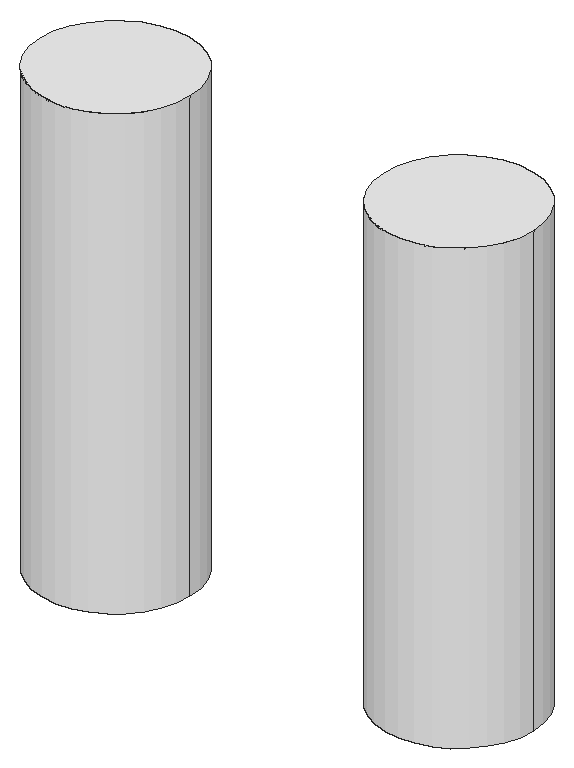
Revit family "45022185(2022)", category Plumbing Fixtures, Revit 2020
Family settings
  Round Connector Dimension = Use Diameter
  Part Type = Normal
  OmniClass Number = 23.45.55.00
  OmniClass Title = Sanitary Faucets, Wastes
  Work Plane-Based = No
  Always vertical = Yes
  Cut with Voids When Loaded = No
  Shared = No
  Room Calculation Point = No
Parameters (values of type "45022185 Washbasin faucet ")
  Working Pressure = "50 - 1000 kPa"
  WarrantyStartDate [instance] = "n/a"
  WarrantyGuarantorParts = "n/a"
  WarrantyGuarantorLabor = "n/a"
  WarrantyDurationUnit = "Year"
  WarrantyDurationParts = "n/a"
  WarrantyDurationLabor = "n/a"
  WarrantyDescription = "http://warranty.hansa.com"
  Warranty Information URL = "http://warranty.hansa.com"
  VersionDate = "01/06/2023"
  Version = "1"
  ValvePattern = "n/a"
  ValveOperation = "n/a"
  ValveMechanism = "n/a"
  Uniclass2015Reference = "Pr_40_20_87_96"
  Uniclass2015Description = "Washbasin manual water supply sets"
  Uniclass2 = "Pr_40_30_96_96"
  URL UWL = "http://static.hansa.com/UWL/45022185"
  URL REACH = "http://static.hansa.com/doc/reach"
  URL Materials Declaration = "http://www.hansa.com/fileadmin/resources/166347_45022185_materialsdeclaration.pdf"
  URL Environmental Product Declaration EPD = "http://www.hansa.com/fileadmin/resources/184523_EPD_Washbasin faucet.pdf"
  URL EcoLabel Declaration = "http://static.hansa.com/doc/EcoLabel"
  URL EU Packaging Declaration = "http://static.hansa.com/doc/packaging"
  URL Declaration of SCIP = "http://static.hansa.com/doc/SCIP"
  URL Declaration of Conformity = "http://static.hansa.com/DoC/45022185"
  URL Declaration of Asbestos = "http://static.hansa.com/doc/asbestos"
  URL Declaration Of Performance (DOP) = "http://static.hansa.com/doc/DoP"
  URL DVGW = "http://static.hansa.com/DVGW/45022185"
  URL ABP = "http://static.hansa.com/ABP/45022185"
  URL = ""
  UNSPSC Class Number = "30181700 Faucets or taps"
  TestPressure = "n/a"
  Temperature Adjustments = "Limitation option for maximum temperature and flow-rate ;Adjustable hot water stop (included, retrofittable)"
  Temperature = "Temperature limiter"
  Technical DataSheet URL = "http://www.hansa.com/datasheet/45022185/en"
  TagNumber [instance] = "n/a"
  SustainabilityPerformance = "n/a"
  Surface treatment = "Chrome"
  Spout Type = "Fixed spout"
  Spout Projection = "114 mm"
  Spare-Part Information URL = "http://static.hansa.com/sp/45022185"
  Size = "210 x 50 x 170 mm"
  Shape = "Sculptured"
  SerialNumber [instance] = "n/a"
  Sales Package dimensions (LxWxH) = "606 x 224 x 88"
  Revision = "n/a"
  ReplacementCost = "n/a"
  ProductInformation = "n/a"
  Product URL = "http://static.hansa.com/45022185"
  Product Image URL = "http://static.hansa.com/image/45022185"
  Product Family = "HANSACLINICA "
  Product Code = "45022185"
  Pressure Loss With Flow 01ls = 70000.0 Pa
  OperatingMechanismMaterial = "n/a"
  NominalWidth = 50 mm
  NominalHeight = 171.4 mm
  NominalDepth = 208.5 mm
  Noise Class = "I (ISO 3822)"
  Name_en = "45022185 Washbasin faucet"
  Name = "45022185 Washbasin faucet"
  NBSReference = "45-35-70/371"
  NBSDescription = "Water supply fittings for wash basins and troughs"
  Mounting Holes = "1 hole"
  ModelReference = "45022185"
  ModelNumber = "n/a"
  Model = "45022185 Washbasin faucet"
  Mobile Product Information URL = "http://mpi.hansa.com/45022185"
  Mechanical Parts = "ø 40 mm ceramic cartridge for flow and temperature control"
  Max. Hot Water Supply = 80 °C
  Material = "Brass"
  Market = "International;Germany;Austria;Belgium;Netherlands;France;Czech Republic;Slovakia;Italy;Spain"
  ManufacturerURL = "http://www.hansa.com"
  ManufacturerName = "HANSA"
  Manufacturer = "HANSA"
  Long Marketing = "HANSACLINICA washbasin faucet. Firm longer loop-lever (180 mm) offers good usability to all users and situations. Fixed spout with nickel-free water channels and laminar water flow. In-built limitation options for water temperature and maximum flow-rate. Connection pipes Cu ø10 mm."
  Lever Handle = "Single operating lever/handle;Loop shape;Long shape;Hot/Cold symbols"
  Keynote = ""
  Interactive AR View URL = "https://static.hansa.com/AR/45022185"
  InstallationDate [instance] = "n/a"
  Installation and Maintenance Guide URL = "http://static.hansa.com/manual/45022185"
  Installation Type = "Deck mounted"
  InletConnectionSize = 10 mm
  IfcExportType = "FAUCET"  # constant formula
  IfcExportAs = "IfcValveType"  # constant formula
  Group = "Washbasin faucet"
  Grade = "n/a"
  FlowCoefficient = 0
  Flow Rate At 300kPa = 0.2 L/s
  Flow Drawing URL = "http://static.hansa.com/flowchart/45022185"
  Finish = "Polished"
  Features = "Single-lever"
  FaucetMainMaterial = Brass
  FDV Document URL = "http://www.hansa.com/datasheet/45022185/en/fdv"
  ExpectedLife = "n/a"
  Excluded Items = "Without pop-up waste;Without draw-rod opening"
  ETIM Class Number = "EC011328 Washbasin mixing tap"
  EN Standard = "EN 817"
  EAN Number = "4057304018862"
  DurationUnit = "Year"
  Dimension Drawing URL = "http://static.hansa.com/dimdrw/45022185"
  Description = ""
  DefaultElevation [instance] = 900 mm
  Default Elevation = 0 mm
  Constituents = "n/a"
  Connection Size = "Ø10mm"
  Connection = "Copper inlet pipes"
  Color = "Chrome"
  CodePerformance = "n/a"
  CloseOffRating = 0
  Category = "Washbasin"
  Catalog Drawing URL = "http://static.hansa.com/catdrw/45022185"
  CO2 Emissions (D) = -6.64
  CO2 Emissions (C4) = 0.07
  CO2 Emissions (C3) = 0.02
  CO2 Emissions (C2) = 0.02
  CO2 Emissions (B7) = 3837.78
  CO2 Emissions (A4) = 0.26
  CO2 Emissions (A1-A3) = 9.34
  Brand = "HANSA"
  BodyMaterial = "Brass"
  Barcode [instance] = "n/a"
  Backflow Prevention EN1717 = "AA"
  BIMObjectName = "45022185(2022)"
  Author = "BIMStone"
  AssetType = "Fixed"
  AssetIdentifier [instance] = "n/a"
  Approval DVGW = "DW-6506DL0556"
  Approval ABP = "P-IX 29684/IA"
  Aerator = "Laminar stream"
  Advanced Features = "Inner body made of DZR brass;Waterways without nickel coating;3S-installation system for safe and simple mounting"
  AccessibilityPerformance = "n/a"
  3D View = "https://static.hansa.com/AR/45022185"
  2D/3D/BIM Files URL = "http://static.hansa.com/bim/45022185"
Reference planes
  plane 1 "Center (Front/Back)": y = 0
  plane 2: z = 0
  plane 3 "Center (Left/Right)": x = 0
  plane 4: x = -25
  plane 5: z = 900
  plane 6: z = 870
  plane 7: y = -208.5
  plane 8: x = 25
  plane 9: z = 1071.4
Forms (mm)
  Extrusion 1, solid, material "Brass" <- "FaucetMainMaterial"
    sketch origin (0, -4.192, 0) x (1, 0, 0) y (0, 1, 0)
      loop
        circle (-11.5, -22.5) r 5
      loop
        circle (11.5, -22.5) r 5
    from 870 to 900
Dimensions and locks
  "DefaultElevation": plane 5 to level
  locked: plane 5 to plane 6 at 30
  "NominalDepth": plane 7 to plane 1 "Center (Front/Back)"
  equal spacing: plane 4, plane 3 "Center (Left/Right)", plane 8
  "NominalHeight": plane 9 to plane 5
  "NominalWidth": plane 4 to plane 8
  "InletConnectionSize": diameter of Extrusion 1 sketch curve  (x2)
  aligned and locked: level to plane 2
  aligned and locked: plane 5 to Extrusion 1
  aligned and locked: Extrusion 1 to plane 6
  aligned and locked: nested 2 to plane 5
Automatic sketch dimensions
  Extrusion 1 sketch curve to plane 3 "Center (Left/Right)" = 11.5 mm
  plane 3 "Center (Left/Right)" to Extrusion 1 sketch curve = 11.5 mm
  plane 1 "Center (Front/Back)" to Extrusion 1 sketch curve = 26.692 mm  (x2)
Nested families
  nested 1: "Symbol" at (0, 0, 0), type "Symbol", detail levels coarse
  nested 2: "5611B_p" at (0, 0, 900), Material <- "FaucetMainMaterial", type "5611B_p"
    with Material Brass
Connectors
  piping at (-11.5, -26.692, 870), diameter 10, driven by "InletConnectionSize"
    settings: on Extrusion 1, index 1, connector inside diameter 609.6 mm, connector length 0 mm, flow factor 0, pipe flow 0.19 L/s, pressure drop 0.0 Pa, fitting loss kfactor 0, connector angle 0.00°, fixture units 0, engagement length 0 mm, angle of deflection 0.00°, flow configuration 1, flow direction 1, fitting loss method 0, system type 19, joint type 0, gender type 0, connector reference index -1, connector utility 0, adjustable connector no, is connector primary yes, connector description ""
  piping at (11.5, -26.692, 870), diameter 10, driven by "InletConnectionSize"
    settings: on Extrusion 1, index 2, connector inside diameter 609.6 mm, connector length 0 mm, flow factor 0, pipe flow 0.19 L/s, pressure drop 0.0 Pa, fitting loss kfactor 0, connector angle 0.00°, fixture units 0, engagement length 0 mm, angle of deflection 0.00°, flow configuration 1, flow direction 1, fitting loss method 0, system type 20, joint type 0, gender type 0, connector reference index -1, connector utility 0, adjustable connector no, is connector primary no, connector description ""
Definition of nested family "Symbol"
  Reference planes
    plane 1: y = 0
    plane 2: x = 0
  Lines and regions (mm)
    detail lines
      curve 1: line (0, 0, 0) -> (0, -1.8, 0)
      curve 2: line (-0.4, -1.1, 0) -> (0.4, -1.1, 0)
      curve 3: line (-0.4, -1.4, 0) -> (0.4, -1.4, 0)
      curve 4: line (0.863, 0, 0) -> (-0.863, 0, 0)
      curve 5: circle (-1.163, 0, 0) r 0.3 normal (0, 0, -1)
      curve 6: circle (1.163, 0, 0) r 0.3 normal (0, 0, 1)
Definition of nested family "5611B_p"
  Parameters (values of type "5611B_p")
    URL = ""
    Model = ""
    Material [instance] = none
    Manufacturer = ""
    Description = ""
    Default Elevation = 0 mm
  Reference planes
    plane 1 "Center (Front/Back)": y = 0
    plane 2: z = 0
    plane 3 "Center (Left/Right)": x = 0
    plane 4: x = -24.99
    plane 5: x = 24.987
    plane 6: z = 171.441
    plane 7: y = -208.547
  Forms (mm)
    Sweep 1, solid, material <- "Material", detail levels medium
      path origin (0, 0.008, -0.467) x (0, 0.999848, -0.017452) y (0, 0.017452, 0.999848)
        loop
          line (-23.874, -3.889) -> (-30.775, 127.795)
      profile origin (0, -26.23, 61.953) x (0, -0.999391, -0.034899) y (1, 0, 0)
        loop
          circle (0, 0) r 24
    Extrusion 2, void
      sketch origin (0, 0, 0) x (0, 1, 0) y (0, 0, 1)
        loop
          line (-52.612, 0) -> (-52.612, -8.17) -> (7.388, -8.17) -> (7.388, 0) -> (-52.612, 0)
      from -24.99 to 24.987
    Extrusion 3, void
      sketch origin (0, 0, 0) x (0, 1, 0) y (0, 0, 1)
        loop
          line (-55.138, 119.81) -> (-3.383, 119.81) -> (-3.383, 131.351) -> (-55.138, 131.351) -> (-55.138, 119.81)
      from -28.935 to 31.792
    Extrusion 4, solid, material <- "Material", detail levels medium
      sketch origin (0, 0, 0) x (0, 1, 0) y (0, 0, 1)
        loop
          line (-39.028, 119.839) -> (-151.945, 115.896) -> (-148.063, 101.407) -> (-123.703, 95.783) -> (-39.028, 95.783) -> (-39.028, 119.839)
      from -21.839 to 21.266
    Extrusion 5, solid, material <- "Material", detail levels medium
      sketch origin (0, -48.735, -45.949) x (1, 0, 0) y (0, 0.920505, -0.390731)
        loop
          circle (0, -137.133) r 12
      from 92.44 to 102.206
    Revolve 6, solid, material <- "Material", detail levels medium
      sketch origin (0, 0, 0) x (0, 1, 0) y (0, 0, 1)
        loop
          line (-6.543, 119.81) -> (-6.543, 125.12)
          arc (-6.543, 125.12) -> (-6.672, 125.984) -> (-7.046, 126.773) r 2.968
          arc (-7.046, 126.773) -> (-8.029, 128.121) -> (-9.116, 129.387) r 21.107
          line (-9.116, 129.387) -> (-4.234, 129.387) -> (-4.234, 159.038) -> (-27.134, 159.038) -> (-27.134, 119.81) -> (-6.543, 119.81)
        axis (-27.134, 159.038) -> (-27.134, 119.81)
      angle from 0 to 360
    Extrusion 7, solid, material <- "Material", detail levels medium
      sketch origin (0, 0, 0) x (0, 1, 0) y (0, 0, 1)
        loop
          line (-27.077, 159.038) -> (-170.328, 159.038)
          arc (-170.328, 159.038) -> (-187.789, 161.887) -> (-203.44, 170.138) r 54.936
          arc (-203.44, 170.138) -> (-208.033, 169.617) -> (-207.748, 165.003) r 3.356
          arc (-207.748, 165.003) -> (-190.433, 154.099) -> (-170.328, 150.288) r 54.936
          line (-170.328, 150.288) -> (-27.077, 150.288) -> (-27.077, 159.038)
      from -22.835 to 22.852
    Extrusion 8, void
      sketch origin (0, 0, 0) x (1, 0, 0) y (0, 1, 0)
        loop
          line (-18.2, -76.322) -> (-14.114, -193.323)
          arc (-14.114, -193.323) -> (-11.067, -200.167) -> (-4.12, -202.974) r 10
          line (-4.12, -202.974) -> (4.12, -202.974)
          arc (4.12, -202.974) -> (11.067, -200.167) -> (14.114, -193.323) r 10
          line (14.114, -193.323) -> (18.2, -76.322)
          arc (18.2, -76.322) -> (15.399, -69.026) -> (8.206, -65.973) r 10
          line (8.206, -65.973) -> (-8.206, -65.973)
          arc (-8.206, -65.973) -> (-15.399, -69.026) -> (-18.2, -76.322) r 10
      from 140.93 to 174.249
    Extrusion 9, solid, material <- "Material", detail levels coarse
      sketch origin (0, 0, 0) x (1, 0, 0) y (0, 1, 0)
        loop
          line (-24.99, 0) -> (-24.99, -208.547) -> (24.987, -208.547) -> (24.987, 0) -> (-24.99, 0)
      from 0 to 171.441
  Cuts and joins
    Extrusion 2, Extrusion 3 cuts Sweep 1
    Extrusion 8 cuts Extrusion 7
  Lines and regions (mm)
    symbolic lines, detail levels medium+fine
      curve 1: arc (-24.99, -24.091, 0) -> (-17.356, -7.004, 0) -> (0, 0, 0) r 25.007
      curve 2: arc (-23.562, -36.604, 0) -> (-24.747, -30.401, 0) -> (-24.99, -24.091, 0) r 42.068
      curve 3: line (-23.562, -36.604, 0) -> (-20.358, -180.725, 0)
      curve 4: arc (-20.358, -180.725, 0) -> (-20.043, -188.6, 0) -> (-19.449, -196.457, 0) r 222.194
      curve 5: arc (-19.449, -196.457, 0) -> (-17.217, -202.438, 0) -> (-12.277, -206.48, 0) r 12.232
      curve 6: arc (-12.277, -206.48, 0) -> (-9.27, -207.552, 0) -> (-6.133, -208.137, 0) r 20.193
      curve 7: arc (-6.133, -208.137, 0) -> (-3.07, -208.401, 0) -> (0, -208.547, 0) r 79.799
      curve 21: arc (24.99, -24.091, 0) -> (17.356, -7.004, 0) -> (0, 0, 0) r 25.007
      curve 22: arc (23.562, -36.604, 0) -> (24.747, -30.401, 0) -> (24.99, -24.091, 0) r 42.068
      curve 23: line (23.562, -36.604, 0) -> (20.358, -180.725, 0)
      curve 24: arc (20.358, -180.725, 0) -> (20.043, -188.6, 0) -> (19.449, -196.457, 0) r 222.194
      curve 25: arc (19.449, -196.457, 0) -> (17.217, -202.438, 0) -> (12.277, -206.48, 0) r 12.232
      curve 26: arc (12.277, -206.48, 0) -> (9.27, -207.552, 0) -> (6.133, -208.137, 0) r 20.193
      curve 27: arc (6.133, -208.137, 0) -> (3.07, -208.401, 0) -> (0, -208.547, 0) r 79.799
      curve 41: arc (-11.107, 0, 170.284) -> (-5.584, 0, 171.151) -> (0, 0, 171.441) r 53.887
      curve 42: arc (-16.567, 0, 167.783) -> (-13.977, 0, 169.337) -> (-11.107, 0, 170.284) r 13.643
      curve 43: arc (-19.019, 0, 164.902) -> (-17.948, 0, 166.474) -> (-16.567, 0, 167.783) r 8.894
      curve 44: arc (-19.472, 0, 163.401) -> (-19.32, 0, 164.174) -> (-19.019, 0, 164.902) r 3.999
      curve 45: line (-19.472, 0, 163.401) -> (-20.218, 0, 158.093)
      curve 46: line (-20.218, 0, 158.093) -> (-21.039, 0, 158.007)
      curve 47: arc (-21.039, 0, 158.007) -> (-21.689, 0, 157.915) -> (-22.331, 0, 157.775) r 9.035
      curve 48: arc (-22.331, 0, 157.775) -> (-23.28, 0, 157.123) -> (-23.579, 0, 156.011) r 1.668
      curve 49: arc (-23.579, 0, 156.011) -> (-23.535, 0, 154.677) -> (-23.639, 0, 153.347) r 11.929
      curve 50: arc (-23.639, 0, 153.347) -> (-23.683, 0, 152.874) -> (-23.685, 0, 152.398) r 5.489
      curve 51: arc (-23.685, 0, 152.398) -> (-23.672, 0, 149.331) -> (-23.874, 0, 146.271) r 43.963
      curve 52: line (-23.874, 0, 146.271) -> (-24.99, 0, 125.79)
      curve 53: arc (-24.99, 0, 125.79) -> (-24.903, 0, 124.896) -> (-24.552, 0, 124.069) r 2.97
      curve 54: arc (-24.552, 0, 124.069) -> (-24.078, 0, 123.608) -> (-23.444, 0, 123.424) r 1.359
      curve 55: line (-23.444, 0, 123.424) -> (-21.682, 0, 123.27)
      curve 56: line (-21.682, 0, 123.27) -> (-21.792, 0, 120.112)
      curve 57: line (-24.07, 0, 118.485) -> (-24.07, 0, 0)
      curve 58: line (-24.07, 0, 0) -> (0, 0, 0)
      curve 59: arc (-23.107, 0, 119.782) -> (-23.803, 0, 119.293) -> (-24.07, 0, 118.485) r 1.354
      curve 60: arc (-21.792, 0, 120.112) -> (-22.454, 0, 119.962) -> (-23.107, 0, 119.782) r 14.583
      curve 87: arc (11.107, 0, 170.284) -> (5.584, 0, 171.151) -> (0, 0, 171.441) r 53.887
      curve 88: arc (16.567, 0, 167.783) -> (13.977, 0, 169.337) -> (11.107, 0, 170.284) r 13.643
      curve 89: arc (19.019, 0, 164.902) -> (17.948, 0, 166.474) -> (16.567, 0, 167.783) r 8.894
      curve 90: arc (19.472, 0, 163.401) -> (19.32, 0, 164.174) -> (19.019, 0, 164.902) r 3.999
      curve 91: line (19.472, 0, 163.401) -> (20.218, 0, 158.093)
      curve 92: line (20.218, 0, 158.093) -> (21.039, 0, 158.007)
      curve 93: arc (21.039, 0, 158.007) -> (21.689, 0, 157.915) -> (22.331, 0, 157.775) r 9.035
      curve 94: arc (22.331, 0, 157.775) -> (23.28, 0, 157.123) -> (23.579, 0, 156.011) r 1.668
      curve 95: arc (23.579, 0, 156.011) -> (23.535, 0, 154.677) -> (23.639, 0, 153.347) r 11.929
      curve 96: arc (23.639, 0, 153.347) -> (23.683, 0, 152.874) -> (23.685, 0, 152.398) r 5.489
      curve 97: arc (23.685, 0, 152.398) -> (23.672, 0, 149.331) -> (23.874, 0, 146.271) r 43.963
      curve 98: line (23.874, 0, 146.271) -> (24.99, 0, 125.79)
      curve 99: arc (24.99, 0, 125.79) -> (24.903, 0, 124.896) -> (24.552, 0, 124.069) r 2.97
      curve 100: arc (24.552, 0, 124.069) -> (24.078, 0, 123.608) -> (23.444, 0, 123.424) r 1.359
      curve 101: line (23.444, 0, 123.424) -> (21.682, 0, 123.27)
      curve 102: line (21.682, 0, 123.27) -> (21.792, 0, 120.112)
      curve 103: line (24.07, 0, 118.485) -> (24.07, 0, 0)
      curve 104: line (24.07, 0, 0) -> (0, 0, 0)
      curve 105: arc (23.107, 0, 119.782) -> (23.803, 0, 119.293) -> (24.07, 0, 118.485) r 1.354
      curve 106: arc (21.792, 0, 120.112) -> (22.454, 0, 119.962) -> (23.107, 0, 119.782) r 14.583
      curve 133: line (0, -48.197, 0) -> (0, 0, 0)
      curve 134: line (0, 0, 0) -> (0, -4.165, 119.268)
      curve 135: arc (0, -4.165, 119.268) -> (0, -4.665, 120.366) -> (0, -5.795, 120.788) r 1.576
      curve 136: line (0, -5.795, 120.788) -> (0, -6.567, 120.77)
      curve 137: line (0, -6.567, 120.77) -> (0, -6.805, 125.309)
      curve 138: arc (0, -6.805, 125.309) -> (0, -6.932, 125.974) -> (0, -7.233, 126.581) r 2.491
      curve 139: arc (0, -7.233, 126.581) -> (0, -8.16, 127.96) -> (0, -9.071, 129.349) r 140.853
      curve 140: line (0, -9.071, 129.349) -> (0, -4.645, 129.504)
      curve 141: arc (0, -4.645, 129.504) -> (0, -4.202, 129.741) -> (0, -4.121, 130.236) r 0.568
      curve 142: line (0, -4.121, 130.236) -> (0, -5.035, 156.416)
      curve 143: arc (0, -5.035, 156.416) -> (0, -5.47, 157.459) -> (0, -6.485, 157.956) r 1.603
      curve 144: arc (0, -6.485, 157.956) -> (0, -10.53, 158.32) -> (0, -14.579, 158.644) r 421.932
      curve 145: arc (0, -14.579, 158.644) -> (0, -20.591, 158.975) -> (0, -26.611, 159.063) r 148.555
      curve 146: line (0, -26.611, 159.063) -> (0, -66.334, 159.063)
      curve 147: arc (0, -66.334, 159.063) -> (0, -67.001, 158.97) -> (0, -67.618, 158.7) r 2.454
      curve 148: line (0, -67.618, 158.7) -> (0, -68.659, 158.554)
      curve 149: arc (0, -68.659, 158.554) -> (0, -72.316, 158.184) -> (0, -75.992, 158.1) r 47.259
      curve 150: arc (0, -75.992, 158.1) -> (0, -83.211, 158.158) -> (0, -90.431, 158.099) r 450.057
      curve 151: arc (0, -90.431, 158.099) -> (0, -131.111, 157.851) -> (0, -171.788, 158.415) r 2036.864
      curve 152: arc (0, -171.788, 158.415) -> (0, -185.245, 160.591) -> (0, -197.618, 166.312) r 50.123
      curve 153: arc (0, -197.618, 166.312) -> (0, -200.764, 168.319) -> (0, -203.914, 170.318) r 1364.284
      curve 154: arc (0, -203.914, 170.318) -> (0, -204.938, 170.893) -> (0, -206.015, 171.359) r 11.288
      curve 155: arc (0, -206.015, 171.359) -> (0, -206.675, 171.436) -> (0, -207.295, 171.198) r 1.394
      curve 156: arc (0, -207.295, 171.198) -> (0, -207.737, 170.763) -> (0, -208.007, 170.204) r 1.817
      curve 157: arc (0, -208.007, 170.204) -> (0, -208.312, 169.007) -> (0, -208.547, 167.793) r 21.208
      curve 158: arc (0, -208.547, 167.793) -> (0, -208.577, 167.21) -> (0, -208.479, 166.634) r 2.654
      curve 159: arc (0, -208.479, 166.634) -> (0, -207.681, 165.039) -> (0, -206.361, 163.838) r 4.861
      curve 160: arc (0, -206.361, 163.838) -> (0, -203.269, 161.849) -> (0, -200.252, 159.748) r 100.656
      curve 161: arc (0, -200.252, 159.748) -> (0, -198.11, 158.364) -> (0, -195.833, 157.215) r 24.065
      curve 162: arc (0, -195.833, 157.215) -> (0, -191.332, 155.264) -> (0, -186.81, 153.361) r 458.386
      curve 163: arc (0, -186.81, 153.361) -> (0, -185.575, 152.933) -> (0, -184.298, 152.655) r 10.96
      curve 164: arc (0, -184.298, 152.655) -> (0, -177.454, 151.849) -> (0, -170.57, 151.552) r 92.915
      curve 165: arc (0, -170.57, 151.552) -> (0, -124.021, 151.105) -> (0, -77.478, 150.328) r 6543.806
      curve 166: arc (0, -77.478, 150.328) -> (0, -72.521, 150.07) -> (0, -67.59, 149.499) r 78.308
      curve 167: arc (0, -67.59, 149.499) -> (0, -67.312, 149.421) -> (0, -67.062, 149.276) r 1.146
      curve 168: arc (0, -67.062, 149.276) -> (0, -66.813, 149.154) -> (0, -66.536, 149.139) r 0.702
      curve 169: line (0, -66.536, 149.139) -> (0, -58.07, 148.991)
      curve 170: arc (0, -58.07, 148.991) -> (0, -54.26, 147.335) -> (0, -52.738, 143.469) r 5.428
      curve 171: arc (0, -52.738, 143.469) -> (0, -52.989, 133.464) -> (0, -53.395, 123.464) r 648.967
      curve 172: arc (0, -53.395, 123.464) -> (0, -53.192, 122.968) -> (0, -52.68, 122.809) r 0.63
      curve 173: line (0, -52.68, 122.809) -> (0, -50.099, 122.899)
      curve 174: line (0, -50.099, 122.899) -> (0, -50.099, 119.75)
      curve 175: line (0, -50.099, 119.75) -> (0, -128.284, 117.917)
      curve 177: arc (0, -128.284, 117.917) -> (0, -139.468, 117.267) -> (0, -150.581, 115.846) r 162.032
      curve 178: arc (0, -150.581, 115.846) -> (0, -151.765, 115.071) -> (0, -151.984, 113.672) r 1.743
      curve 179: arc (0, -151.984, 113.672) -> (0, -151.597, 111.968) -> (0, -151.346, 110.238) r 22.037
      curve 180: arc (0, -151.346, 110.238) -> (0, -150.24, 106.002) -> (0, -147.923, 102.288) r 14.538
      curve 181: line (0, -147.923, 102.288) -> (0, -149.6, 98.521)
      curve 182: line (0, -149.6, 98.521) -> (0, -148.745, 97.346)
      curve 183: line (0, -148.745, 97.346) -> (0, -147.079, 96.638)
      curve 184: line (0, -147.079, 96.638) -> (0, -128.922, 88.931)
      curve 185: line (0, -128.922, 88.931) -> (0, -127.489, 89.184)
      curve 186: line (0, -127.489, 89.184) -> (0, -124.348, 96.239)
      curve 187: line (0, -124.348, 96.239) -> (0, -78.549, 96.239)
      curve 188: arc (0, -78.549, 96.239) -> (0, -58.788, 88.053) -> (0, -50.603, 68.292) r 27.946
      curve 189: line (0, -50.603, 68.292) -> (0, -48.197, 0)
    symbolic lines, detail levels fine
      curve 8: arc (-22.233, -23.554, 0) -> (-14.479, -10.248, 0) -> (0, -5, 0) r 22.598
      curve 9: arc (-23.544, -35.239, 0) -> (-23.088, -29.374, 0) -> (-22.233, -23.554, 0) r 86.279
      curve 10: arc (-23.562, -36.604, 0) -> (-23.563, -35.921, 0) -> (-23.544, -35.239, 0) r 22.607
      curve 11: arc (-11.23, -150.379, 0) -> (-5.676, -151.622, 0) -> (0, -152.039, 0) r 38.807
      curve 12: arc (-15.744, -146.452, 0) -> (-13.908, -148.899, 0) -> (-11.23, -150.379, 0) r 7.299
      curve 13: line (-15.744, -146.452, 0) -> (-14.655, -177.664, 0)
      curve 14: arc (-14.655, -177.664, 0) -> (-14.232, -186.549, 0) -> (-13.586, -195.421, 0) r 352.861
      curve 15: arc (-13.586, -195.421, 0) -> (-12.43, -198.705, 0) -> (-9.828, -201.018, 0) r 6.955
      curve 16: arc (-9.828, -201.018, 0) -> (-7.293, -202.012, 0) -> (-4.612, -202.486, 0) r 13.695
      curve 17: arc (-4.612, -202.486, 0) -> (-2.308, -202.617, 0) -> (0, -202.663, 0) r 62.713
      curve 18: line (-15.744, -146.452, 0) -> (-17.315, -78.914, 0)
      curve 19: arc (-17.315, -78.914, 0) -> (-14.614, -71.937, 0) -> (-7.77, -68.914, 0) r 9.776
      curve 20: line (-7.77, -68.914, 0) -> (0, -68.914, 0)
      curve 28: arc (22.233, -23.554, 0) -> (14.479, -10.248, 0) -> (0, -5, 0) r 22.598
      curve 29: arc (23.544, -35.239, 0) -> (23.088, -29.374, 0) -> (22.233, -23.554, 0) r 86.279
      curve 30: arc (23.562, -36.604, 0) -> (23.563, -35.921, 0) -> (23.544, -35.239, 0) r 22.607
      curve 31: arc (11.23, -150.379, 0) -> (5.676, -151.622, 0) -> (0, -152.039, 0) r 38.807
      curve 32: arc (15.744, -146.452, 0) -> (13.908, -148.899, 0) -> (11.23, -150.379, 0) r 7.299
      curve 33: line (15.744, -146.452, 0) -> (14.655, -177.664, 0)
      curve 34: arc (14.655, -177.664, 0) -> (14.232, -186.549, 0) -> (13.586, -195.421, 0) r 352.861
      curve 35: arc (13.586, -195.421, 0) -> (12.43, -198.705, 0) -> (9.828, -201.018, 0) r 6.955
      curve 36: arc (9.828, -201.018, 0) -> (7.293, -202.012, 0) -> (4.612, -202.486, 0) r 13.695
      curve 37: arc (4.612, -202.486, 0) -> (2.308, -202.617, 0) -> (0, -202.663, 0) r 62.713
      curve 38: line (15.744, -146.452, 0) -> (17.315, -78.914, 0)
      curve 39: arc (17.315, -78.914, 0) -> (14.614, -71.937, 0) -> (7.77, -68.914, 0) r 9.776
      curve 40: line (7.77, -68.914, 0) -> (0, -68.914, 0)
      curve 61: line (-20.218, 0, 158.093) -> (-20.371, 0, 157.23)
      curve 62: arc (-20.371, 0, 157.23) -> (-20.627, 0, 156.769) -> (-21.113, 0, 156.563) r 0.809
      curve 63: arc (-21.113, 0, 156.563) -> (-22.367, 0, 156.382) -> (-23.579, 0, 156.011) r 8.278
      curve 64: arc (-8.154, 0, 163.365) -> (-4.094, 0, 163.923) -> (0, 0, 164.11) r 45.05
      curve 65: arc (-12.754, 0, 161.344) -> (-10.572, 0, 162.623) -> (-8.154, 0, 163.365) r 10.921
      curve 66: arc (-13.833, 0, 159.052) -> (-13.577, 0, 160.331) -> (-12.754, 0, 161.344) r 2.719
      curve 67: line (-13.833, 0, 159.052) -> (-14.46, 0, 154.593)
      curve 68: arc (-14.46, 0, 154.593) -> (-15.177, 0, 152.826) -> (-16.644, 0, 151.608) r 3.914
      curve 69: arc (-16.644, 0, 151.608) -> (-18.185, 0, 150.938) -> (-19.77, 0, 150.38) r 23.193
      curve 70: arc (-19.77, 0, 150.38) -> (-9.905, 0, 149.428) -> (0, 0, 149.11) r 154.417
      curve 71: arc (-23.551, 0, 154.267) -> (-22.338, 0, 151.665) -> (-19.77, 0, 150.38) r 4.362
      curve 72: arc (0, 0, 144.734) -> (-4.328, 0, 140.406) -> (0, 0, 136.078) r 4.328
      curve 73: arc (-13.912, 0, 158.49) -> (-6.962, 0, 158.919) -> (0, 0, 159.062) r 169.323
      curve 74: arc (-21.682, 0, 123.27) -> (-10.846, 0, 122.78) -> (0, 0, 122.616) r 359.882
      curve 75: arc (-21.792, 0, 120.112) -> (-10.897, 0, 120.319) -> (0, 0, 120.388) r 862.046
      curve 76: arc (-17.094, 0, 116.404) -> (-8.572, 0, 117.388) -> (0, 0, 117.716) r 112.001
      curve 77: arc (-18.649, 0, 114.281) -> (-18.311, 0, 115.665) -> (-17.094, 0, 116.404) r 1.861
      curve 78: arc (-11.785, 0, 99.207) -> (-16.256, 0, 106.271) -> (-18.649, 0, 114.281) r 30.603
      curve 79: line (-11.785, 0, 99.207) -> (-11.785, 0, 96.575)
      curve 80: arc (-11.785, 0, 96.575) -> (-11.59, 0, 95.768) -> (-11.047, 0, 95.141) r 1.762
      curve 81: line (-11.047, 0, 95.141) -> (-11.047, 0, 91.971)
      curve 82: line (-11.047, 0, 91.971) -> (-9.915, 0, 91.178)
      curve 83: arc (-9.915, 0, 91.178) -> (-7.615, 0, 89.94) -> (-5.09, 0, 89.271) r 11.166
      curve 84: arc (-5.09, 0, 89.271) -> (-2.551, 0, 88.968) -> (0, 0, 88.782) r 55.451
      curve 85: arc (-11.785, 0, 99.207) -> (-6.148, 0, 101.82) -> (0, 0, 102.716) r 21.543
      curve 86: arc (-11.047, 0, 93.908) -> (-5.843, 0, 96.737) -> (0, 0, 97.716) r 17.926
      curve 107: line (20.218, 0, 158.093) -> (20.371, 0, 157.23)
      curve 108: arc (20.371, 0, 157.23) -> (20.627, 0, 156.769) -> (21.113, 0, 156.563) r 0.809
      curve 109: arc (21.113, 0, 156.563) -> (22.367, 0, 156.382) -> (23.579, 0, 156.011) r 8.278
      curve 110: arc (8.154, 0, 163.365) -> (4.094, 0, 163.923) -> (0, 0, 164.11) r 45.05
      curve 111: arc (12.754, 0, 161.344) -> (10.572, 0, 162.623) -> (8.154, 0, 163.365) r 10.921
      curve 112: arc (13.833, 0, 159.052) -> (13.577, 0, 160.331) -> (12.754, 0, 161.344) r 2.719
      curve 113: line (13.833, 0, 159.052) -> (14.46, 0, 154.593)
      curve 114: arc (14.46, 0, 154.593) -> (15.177, 0, 152.826) -> (16.644, 0, 151.608) r 3.914
      curve 115: arc (16.644, 0, 151.608) -> (18.185, 0, 150.938) -> (19.77, 0, 150.38) r 23.193
      curve 116: arc (19.77, 0, 150.38) -> (9.905, 0, 149.428) -> (0, 0, 149.11) r 154.417
      curve 117: arc (23.551, 0, 154.267) -> (22.338, 0, 151.665) -> (19.77, 0, 150.38) r 4.362
      curve 118: arc (0, 0, 144.734) -> (4.328, 0, 140.406) -> (0, 0, 136.078) r 4.328
      curve 119: arc (13.912, 0, 158.49) -> (6.962, 0, 158.919) -> (0, 0, 159.062) r 169.323
      curve 120: arc (21.682, 0, 123.27) -> (10.846, 0, 122.78) -> (0, 0, 122.616) r 359.882
      curve 121: arc (21.792, 0, 120.112) -> (10.897, 0, 120.319) -> (0, 0, 120.388) r 862.046
      curve 122: arc (17.094, 0, 116.404) -> (8.572, 0, 117.388) -> (0, 0, 117.716) r 112.001
      curve 123: arc (18.649, 0, 114.281) -> (18.311, 0, 115.665) -> (17.094, 0, 116.404) r 1.861
      curve 124: arc (11.785, 0, 99.207) -> (16.256, 0, 106.271) -> (18.649, 0, 114.281) r 30.603
      curve 125: line (11.785, 0, 99.207) -> (11.785, 0, 96.575)
      curve 126: arc (11.785, 0, 96.575) -> (11.59, 0, 95.768) -> (11.047, 0, 95.141) r 1.762
      curve 127: line (11.047, 0, 95.141) -> (11.047, 0, 91.971)
      curve 128: line (11.047, 0, 91.971) -> (9.915, 0, 91.178)
      curve 129: arc (9.915, 0, 91.178) -> (7.615, 0, 89.94) -> (5.09, 0, 89.271) r 11.166
      curve 130: arc (5.09, 0, 89.271) -> (2.551, 0, 88.968) -> (0, 0, 88.782) r 55.451
      curve 131: arc (11.785, 0, 99.207) -> (6.148, 0, 101.82) -> (0, 0, 102.716) r 21.543
      curve 132: arc (11.047, 0, 93.908) -> (5.843, 0, 96.737) -> (0, 0, 97.716) r 17.926
      curve 176: line (0, -6.567, 120.77) -> (0, -50.099, 119.75)
      curve 190: line (0, -124.348, 96.239) -> (0, -130.056, 97.662)
      curve 191: arc (0, -130.056, 97.662) -> (0, -134.725, 98.654) -> (0, -139.451, 99.317) r 68.244
      curve 192: arc (0, -139.451, 99.317) -> (0, -143.86, 100.307) -> (0, -147.923, 102.288) r 19.456
      curve 193: line (0, -9.071, 129.349) -> (0, -18.254, 128.868)
      curve 194: arc (0, -18.254, 128.868) -> (0, -20.465, 128.525) -> (0, -22.561, 127.743) r 11.027
      curve 195: arc (0, -22.561, 127.743) -> (0, -29.498, 124.983) -> (0, -36.787, 123.366) r 46.597
      curve 196: arc (0, -36.787, 123.366) -> (0, -43.431, 122.79) -> (0, -50.099, 122.899) r 64.811
  Dimensions and locks
    aligned and locked: level to plane 2
